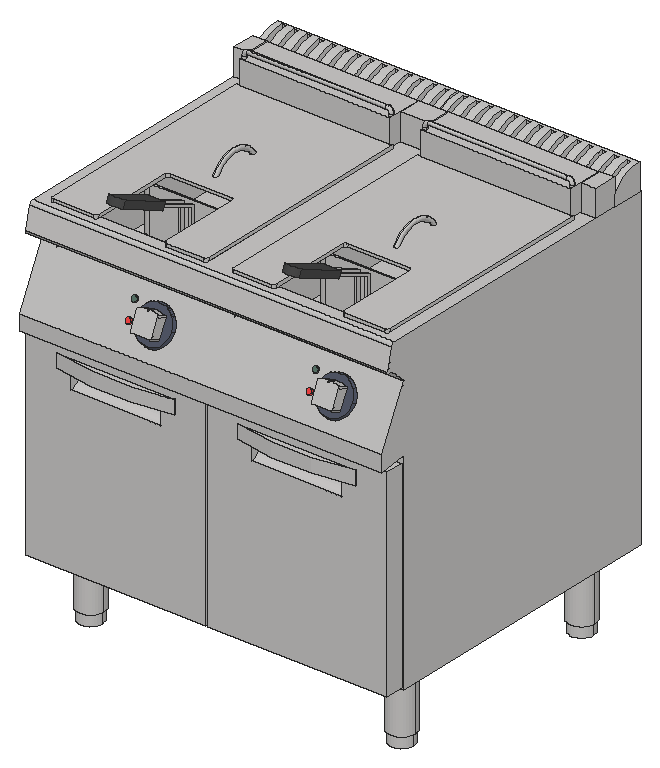
Revit family "QF_ZANUSSI_372085_Z7FREH2FF0", category Specialty Equipment, Revit 2018 (continued)
Automatic sketch dimensions
  Extrusion 3 sketch curve to Extrusion 3 sketch curve = 0 mm
  plane 1 "BACK" to Extrusion 4 sketch curve = 6.761 mm
  plane 3 "LEFT" to Extrusion 4 sketch curve = 22.749 mm
  Extrusion 4 sketch curve to Extrusion 4 sketch curve = 9.296 mm
  Extrusion 4 sketch curve to Extrusion 4 sketch curve = 57.15 mm
  plane 5 "FRONT" to Extrusion 5 sketch curve = 0 mm  (x2)
  plane 1 "BACK" to Extrusion 5 sketch curve = 0 mm
  Extrusion 5 sketch curve to plane 3 "LEFT" = 0 mm
  Extrusion 5 sketch curve to plane 4 "RIGHT" = 0 mm
  Extrusion 5 sketch curve to plane 3 "LEFT" = 150.019 mm
  plane 4 "RIGHT" to Extrusion 5 sketch curve = 150.019 mm
  Extrusion 5 sketch curve to plane 1 "BACK" = 150.019 mm
  curve 206 to plane 4 "RIGHT" = 0 mm
  curve 167 to plane 4 "RIGHT" = 0 mm
  plane 5 "FRONT" to curve 168 = 0 mm
  plane 1 "BACK" to curve 162 = 0 mm
  curve 165 to plane 3 "LEFT" = 0 mm
  curve 24 to plane 3 "LEFT" = 0 mm
  plane 4 "RIGHT" to curve 3 = 150.019 mm
  curve 122 to plane 4 "RIGHT" = 13.453 mm
  curve 121 to curve 122 = 9.296 mm
  curve 42 to plane 4 "RIGHT" = 26.987 mm
  curve 42 to curve 207 = 4.763 mm
  curve 42 to curve 43 = 6.35 mm
  curve 206 to curve 77 = 5.848 mm
  plane 1 "BACK" to curve 128 = 6.761 mm
  curve 120 to curve 128 = 18.547 mm
  curve 127 to curve 128 = 9.296 mm
  plane 1 "BACK" to curve 131 = 6.761 mm
  curve 126 to curve 131 = 18.547 mm
  curve 130 to curve 131 = 9.296 mm
  plane 1 "BACK" to curve 134 = 6.761 mm
  curve 129 to curve 134 = 18.547 mm
  curve 133 to curve 132 = 9.296 mm
  curve 44 to plane 5 "FRONT" = 52.888 mm
  curve 43 to curve 44 = 88.9 mm
  plane 1 "BACK" to curve 137 = 6.761 mm
  curve 132 to curve 137 = 18.547 mm
  curve 45 to curve 46 = 6.35 mm
  curve 136 to curve 135 = 9.296 mm
  curve 46 to curve 47 = 6.35 mm
  plane 1 "BACK" to curve 139 = 6.761 mm
  curve 135 to curve 139 = 18.547 mm
  curve 139 to curve 140 = 9.296 mm
  plane 1 "BACK" to curve 142 = 6.761 mm
  curve 138 to curve 142 = 18.547 mm
  curve 58 to plane 5 "FRONT" = 8.614 mm
  curve 45 to curve 58 = 58.32 mm
  curve 142 to curve 143 = 9.296 mm
  plane 8 "Center X" to curve 67 = 38.031 mm
  curve 47 to curve 67 = 60.633 mm
  curve 67 to curve 69 = 4.449 mm
  plane 1 "BACK" to curve 146 = 6.761 mm
  curve 141 to curve 146 = 18.547 mm
  curve 145 to curve 146 = 9.296 mm
  curve 57 to plane 11 = 5.711 mm
  curve 57 to curve 57 = 37.235 mm
  plane 1 "BACK" to curve 149 = 6.761 mm
  curve 144 to curve 149 = 18.547 mm
  curve 148 to curve 147 = 9.296 mm
  plane 1 "BACK" to curve 151 = 6.761 mm
  curve 147 to curve 151 = 18.547 mm
  curve 68 to curve 48 = 66.994 mm
  curve 151 to curve 152 = 9.296 mm
  curve 61 to curve 61 = 53.67 mm
  curve 51 to curve 52 = 6.35 mm
  plane 1 "BACK" to curve 154 = 6.761 mm
  curve 150 to curve 154 = 18.547 mm
  curve 154 to curve 155 = 9.296 mm
  plane 1 "BACK" to curve 158 = 6.761 mm
  curve 153 to curve 158 = 18.547 mm
  curve 157 to curve 158 = 9.296 mm
  plane 7 "Center Y" to curve 168 = 54.971 mm
  plane 1 "BACK" to curve 160 = 6.761 mm
  curve 156 to curve 160 = 18.547 mm
  curve 160 to curve 159 = 9.296 mm
  curve 78 to plane 12 = 4.568 mm
  plane 7 "Center Y" to curve 78 = 37.641 mm
  plane 7 "Center Y" to curve 53 = 33.338 mm
  curve 77 to curve 202 = 5.891 mm
  plane 12 to curve 54 = 0.124 mm
  curve 78 to curve 54 = 10.653 mm
  plane 1 "BACK" to curve 125 = 6.761 mm
  curve 159 to curve 125 = 18.547 mm
  curve 124 to curve 123 = 9.296 mm
  plane 7 "Center Y" to curve 162 = 1.588 mm
  curve 24 to plane 7 "Center Y" = 1.587 mm
  plane 1 "BACK" to curve 81 = 6.761 mm
  curve 163 to curve 81 = 13.764 mm
  curve 81 to curve 82 = 9.296 mm
  curve 22 to plane 7 "Center Y" = 26.988 mm
  curve 22 to curve 201 = 4.762 mm
  curve 21 to curve 21 = 6.35 mm
  curve 201 to curve 76 = 5.891 mm
  plane 1 "BACK" to curve 119 = 6.761 mm
  curve 82 to curve 119 = 18.547 mm
  curve 117 to curve 118 = 9.296 mm
  curve 166 to plane 7 "Center Y" = 54.971 mm
  plane 1 "BACK" to curve 114 = 6.761 mm
  curve 118 to curve 114 = 18.547 mm
  curve 114 to curve 116 = 9.296 mm
  plane 1 "BACK" to curve 111 = 6.761 mm
  curve 115 to curve 111 = 18.547 mm
  curve 111 to curve 112 = 9.296 mm
  curve 20 to curve 20 = 82.55 mm
  curve 19 to curve 18 = 6.35 mm
  plane 1 "BACK" to curve 108 = 6.761 mm
  curve 112 to curve 108 = 18.547 mm
  curve 17 to curve 17 = 6.35 mm
  curve 108 to curve 109 = 9.296 mm
  plane 1 "BACK" to curve 107 = 6.761 mm
  curve 109 to curve 107 = 18.547 mm
  curve 105 to curve 106 = 9.296 mm
  curve 25 to plane 11 = 5.711 mm
  curve 19 to curve 25 = 53.67 mm
  plane 1 "BACK" to curve 104 = 6.761 mm
  curve 106 to curve 104 = 18.547 mm
  curve 102 to curve 104 = 9.296 mm
  plane 8 "Center X" to curve 37 = 38.031 mm
  curve 16 to curve 37 = 66.994 mm
  curve 37 to curve 38 = 4.449 mm
  plane 1 "BACK" to curve 101 = 6.761 mm
  curve 103 to curve 101 = 18.547 mm
  curve 25 to curve 27 = 37.235 mm
  curve 99 to curve 100 = 9.296 mm
  plane 1 "BACK" to curve 98 = 6.761 mm
  curve 100 to curve 98 = 18.547 mm
  curve 96 to curve 97 = 9.296 mm
  curve 36 to curve 16 = 60.633 mm
  plane 1 "BACK" to curve 93 = 6.761 mm
  curve 97 to curve 93 = 18.547 mm
  curve 29 to curve 14 = 58.32 mm
  curve 93 to curve 94 = 9.296 mm
  curve 13 to curve 12 = 6.35 mm
  plane 1 "BACK" to curve 92 = 6.761 mm
  curve 94 to curve 92 = 18.547 mm
  curve 90 to curve 92 = 9.296 mm
  plane 1 "BACK" to curve 87 = 6.761 mm
  curve 91 to curve 87 = 18.547 mm
  curve 87 to curve 88 = 9.296 mm
  plane 1 "BACK" to curve 86 = 6.761 mm
  curve 88 to curve 86 = 18.547 mm
  curve 84 to curve 85 = 9.296 mm
  curve 75 to plane 12 = 4.568 mm
  plane 3 "LEFT" to curve 75 = 37.598 mm
  plane 3 "LEFT" to curve 11 = 33.338 mm
  curve 73 to curve 198 = 5.848 mm
  plane 12 to curve 10 = 0.124 mm
  curve 74 to curve 10 = 10.61 mm
  plane 1 "BACK" to curve 7 = 6.761 mm
  curve 85 to curve 7 = 18.497 mm
  curve 7 to curve 9 = 9.296 mm
  curve 1 to plane 3 "LEFT" = 150.019 mm
  curve 1 to plane 1 "BACK" = 150.019 mm
  plane 1 "BACK" to curve 122 = 6.761 mm
  curve 81 to curve 24 = 63.089 mm
  curve 24 to curve 162 = 0 mm
  curve 207 to curve 79 = 22.419 mm
  curve 202 to curve 78 = 22.419 mm
  curve 198 to curve 74 = 22.419 mm
  curve 74 to curve 74 = 7.655 mm
  curve 80 to curve 79 = 7.655 mm
  curve 68 to plane 8 "Center X" = 63.432 mm
  curve 38 to plane 8 "Center X" = 63.432 mm
  curve 68 to curve 48 = 46.229 mm
  curve 36 to curve 16 = 46.229 mm
  plane 11 to curve 14 = 57.877 mm
  plane 11 to curve 54 = 57.877 mm
  plane 11 to curve 30 = 57.877 mm
  curve 167 to plane 5 "FRONT" = 27.613 mm
  curve 165 to plane 5 "FRONT" = 27.613 mm
  curve 27 to plane 5 "FRONT" = 8.614 mm
  curve 56 to plane 5 "FRONT" = 8.614 mm
  curve 25 to plane 5 "FRONT" = 8.614 mm
  plane 5 "FRONT" to curve 168 = 168.89 mm
  curve 166 to curve 168 = 0 mm
  curve 207 to curve 205 = 1.588 mm
  curve 43 to curve 168 = 40.903 mm
  curve 59 to curve 66 = 3.442 mm
  curve 66 to curve 59 = 0 mm  (x2)
  curve 57 to curve 63 = 4.079 mm
  curve 63 to curve 62 = 5.857 mm
  curve 62 to curve 65 = 17.363 mm
  curve 64 to curve 56 = 4.079 mm
  curve 204 to curve 54 = 6.35 mm
  curve 22 to curve 200 = 6.35 mm
  curve 25 to curve 33 = 4.079 mm
  curve 33 to curve 34 = 5.857 mm
  curve 35 to curve 28 = 0 mm  (x2)
  curve 34 to curve 31 = 17.363 mm
  curve 32 to curve 26 = 4.079 mm
  curve 35 to curve 28 = 3.442 mm
  curve 166 to curve 12 = 40.903 mm
  curve 74 to curve 199 = 4.26 mm
  curve 108 to curve 108 = 57.15 mm
  curve 108 to curve 111 = 0 mm
  curve 112 to curve 111 = 0 mm
  curve 111 to curve 114 = 0 mm
  curve 115 to curve 114 = 0 mm
  curve 106 to curve 108 = 0 mm
  curve 106 to curve 105 = 0 mm
  curve 117 to curve 200 = 5.939 mm
  curve 118 to curve 117 = 0 mm
  curve 120 to curve 207 = 5.939 mm
  curve 120 to curve 121 = 0 mm
  curve 103 to curve 106 = 0 mm
  curve 103 to curve 102 = 0 mm
  curve 123 to curve 162 = 5.939 mm
  curve 123 to curve 124 = 0 mm
  curve 126 to curve 205 = 5.939 mm
  curve 126 to curve 127 = 0 mm
  curve 100 to curve 103 = 0 mm
  curve 100 to curve 99 = 0 mm
  curve 129 to curve 126 = 0 mm
  curve 129 to curve 130 = 0 mm
  curve 132 to curve 129 = 0 mm
  curve 132 to curve 133 = 0 mm
  curve 97 to curve 100 = 0 mm
  curve 97 to curve 96 = 0 mm
  curve 135 to curve 132 = 0 mm
  curve 135 to curve 136 = 0 mm
  curve 138 to curve 135 = 0 mm
  curve 138 to curve 139 = 0 mm
  curve 94 to curve 97 = 0 mm
  curve 94 to curve 93 = 0 mm
  curve 141 to curve 138 = 0 mm
  curve 141 to curve 142 = 0 mm
  curve 144 to curve 141 = 0 mm
  curve 144 to curve 145 = 0 mm
  curve 91 to curve 94 = 0 mm
  curve 91 to curve 90 = 0 mm
  curve 147 to curve 144 = 0 mm
  curve 147 to curve 148 = 0 mm
  curve 150 to curve 147 = 0 mm
  curve 150 to curve 151 = 0 mm
  curve 88 to curve 91 = 0 mm
  curve 88 to curve 87 = 0 mm
  curve 153 to curve 150 = 0 mm
  curve 153 to curve 154 = 0 mm
  curve 156 to curve 153 = 0 mm
  curve 156 to curve 157 = 0 mm
  curve 85 to curve 199 = 5.939 mm
  curve 85 to curve 84 = 0 mm
  curve 159 to curve 204 = 5.939 mm
  curve 8 to curve 24 = 5.939 mm
  curve 8 to curve 7 = 0 mm
  curve 159 to curve 160 = 0 mm
  curve 82 to curve 203 = 5.939 mm
  curve 82 to curve 81 = 0 mm
  curve 109 to curve 108 = 0 mm
  curve 17 to curve 40 = 22.324 mm
  curve 46 to curve 71 = 22.324 mm
  curve 71 to curve 72 = 3.175 mm
  curve 40 to curve 41 = 3.175 mm
  curve 66 to curve 56 = 17.436 mm
  curve 35 to curve 25 = 17.436 mm
  curve 66 to curve 59 = 6.713 mm
  curve 35 to curve 28 = 6.713 mm
  curve 35 to curve 25 = 6.713 mm
  curve 66 to curve 56 = 6.713 mm
  plane 5 "FRONT" to curve 1 = 1.377 mm
  plane 5 "FRONT" to curve 3 = 1.377 mm
  Extrusion 6 sketch curve to plane 4 "RIGHT" = 26.988 mm
  Extrusion 6 sketch curve to Extrusion 6 sketch curve = 6.35 mm  (x8)
  Extrusion 6 sketch curve to Extrusion 6 sketch curve = 88.9 mm
  Extrusion 6 sketch curve to plane 4 "RIGHT" = 128.587 mm
  plane 7 "Center Y" to Extrusion 6 sketch curve = 128.588 mm
  plane 11 to Extrusion 6 sketch curve = 57.877 mm  (x4)
  plane 7 "Center Y" to Extrusion 6 sketch curve = 122.238 mm
  plane 7 "Center Y" to Extrusion 6 sketch curve = 33.338 mm
  plane 12 to Extrusion 6 sketch curve = 0.124 mm  (x2)
  Extrusion 6 sketch curve to plane 7 "Center Y" = 26.988 mm
  Extrusion 6 sketch curve to Extrusion 6 sketch curve = 82.55 mm
  plane 3 "LEFT" to Extrusion 6 sketch curve = 134.938 mm
  plane 3 "LEFT" to Extrusion 6 sketch curve = 128.588 mm
  plane 3 "LEFT" to Extrusion 6 sketch curve = 33.338 mm
  plane 3 "LEFT" to Extrusion 6 sketch curve = 26.988 mm
  Extrusion 6 sketch curve to plane 8 "Center X" = 109.662 mm  (x2)
  Extrusion 7 sketch curve to plane 7 "Center Y" = 175.907 mm
  Extrusion 7 sketch curve to Extrusion 7 sketch curve = 0 mm
  Extrusion 7 sketch curve to Extrusion 7 sketch curve = 11.832 mm
  Extrusion 7 sketch curve to Extrusion 7 sketch curve = 106.78 mm
  Extrusion 7 sketch curve to Extrusion 7 sketch curve = 18.617 mm
  Extrusion 8 sketch curve to plane 11 = 1.013 mm
  Extrusion 8 sketch curve to plane 11 = 3.696 mm
  Extrusion 8 sketch curve to plane 10 "TOP A" = 11.567 mm
  Extrusion 8 sketch curve to plane 11 = 84.899 mm
  Extrusion 8 sketch curve to plane 10 "TOP A" = 7.522 mm
  Extrusion 8 sketch curve to Extrusion 8 sketch curve = 6.35 mm
  Extrusion 8 sketch curve to Extrusion 8 sketch curve = 97.432 mm
  Extrusion 9 sketch curve to plane 11 = 1.013 mm
  Extrusion 9 sketch curve to plane 11 = 3.696 mm
  Extrusion 9 sketch curve to plane 10 "TOP A" = 11.567 mm
  Extrusion 9 sketch curve to plane 11 = 84.899 mm
  Extrusion 9 sketch curve to Extrusion 9 sketch curve = 6.35 mm
  Extrusion 9 sketch curve to plane 10 "TOP A" = 7.522 mm
  Extrusion 9 sketch curve to Extrusion 9 sketch curve = 97.432 mm
  Sweep 10 sketch curve to plane 10 "TOP A" = 0 mm  (x2)
  Sweep 10 sketch curve to plane 8 "Center X" = 12.824 mm
  Sweep 10 sketch curve to plane 10 "TOP A" = 26.978 mm
  Sweep 10 sketch curve to Sweep 10 sketch curve = 54.439 mm
  Sweep 10 sketch curve to profile plane = 0 mm  (x2)
  Sweep 11 sketch curve to plane 10 "TOP A" = 0 mm  (x2)
  Sweep 11 sketch curve to plane 8 "Center X" = 12.824 mm
  Sweep 11 sketch curve to plane 10 "TOP A" = 26.978 mm
  Sweep 11 sketch curve to Sweep 11 sketch curve = 54.439 mm
  Sweep 11 sketch curve to profile plane = 0 mm
  profile plane to Sweep 11 sketch curve = 0 mm
  plane 7 "Center Y" to Extrusion 12 sketch curve = 175.907 mm
  Extrusion 12 sketch curve to Extrusion 12 sketch curve = 0 mm
  Extrusion 12 sketch curve to Extrusion 12 sketch curve = 11.832 mm
  Extrusion 12 sketch curve to Extrusion 12 sketch curve = 106.78 mm
  Extrusion 12 sketch curve to Extrusion 12 sketch curve = 18.617 mm
  Extrusion 13 sketch curve to Extrusion 13 sketch curve = 0 mm  (x16)
  Extrusion 13 sketch curve to plane 4 "RIGHT" = 91.225 mm
  Extrusion 13 sketch curve to Extrusion 13 sketch curve = 3.175 mm  (x2)
  Extrusion 13 sketch curve to Extrusion 13 sketch curve = 22.225 mm  (x6)
  plane 7 "Center Y" to Extrusion 13 sketch curve = 105.625 mm  (x2)
  Extrusion 13 sketch curve to plane 7 "Center Y" = 80.225 mm
  plane 3 "LEFT" to Extrusion 13 sketch curve = 116.625 mm  (x2)
  plane 12 to Extrusion 13 sketch curve = 41.498 mm  (x2)
  Extrusion 13 sketch curve to plane 8 "Center X" = 116.11 mm  (x2)
  Extrusion 14 sketch curve to plane 11 = 1.013 mm
  Extrusion 14 sketch curve to plane 11 = 3.696 mm
  Extrusion 14 sketch curve to plane 10 "TOP A" = 11.567 mm
  Extrusion 14 sketch curve to plane 11 = 84.899 mm
  Extrusion 14 sketch curve to plane 10 "TOP A" = 7.522 mm
  Extrusion 14 sketch curve to Extrusion 14 sketch curve = 6.35 mm
  Extrusion 14 sketch curve to Extrusion 14 sketch curve = 97.432 mm
  Extrusion 15 sketch curve to plane 11 = 1.013 mm
  Extrusion 15 sketch curve to plane 11 = 3.696 mm
  Extrusion 15 sketch curve to plane 10 "TOP A" = 11.567 mm
  Extrusion 15 sketch curve to plane 11 = 84.899 mm
  Extrusion 15 sketch curve to Extrusion 15 sketch curve = 6.35 mm
  Extrusion 15 sketch curve to Extrusion 15 sketch curve = 97.432 mm
  Extrusion 15 sketch curve to plane 10 "TOP A" = 7.522 mm
  plane 1 "BACK" to Extrusion 16 sketch curve = 6.761 mm
  Extrusion 16 sketch curve to plane 7 "Center Y" = 15.351 mm
  Extrusion 16 sketch curve to Extrusion 16 sketch curve = 9.296 mm
  Extrusion 16 sketch curve to Extrusion 16 sketch curve = 57.15 mm
  plane 1 "BACK" to Extrusion 17 sketch curve = 6.761 mm
  plane 3 "LEFT" to Extrusion 17 sketch curve = 50.591 mm
  Extrusion 17 sketch curve to Extrusion 17 sketch curve = 9.296 mm
  Extrusion 17 sketch curve to Extrusion 17 sketch curve = 57.15 mm
  plane 1 "BACK" to Extrusion 18 sketch curve = 6.761 mm
  plane 3 "LEFT" to Extrusion 18 sketch curve = 78.433 mm
  Extrusion 18 sketch curve to Extrusion 18 sketch curve = 9.296 mm
  Extrusion 18 sketch curve to Extrusion 18 sketch curve = 57.15 mm
  plane 1 "BACK" to Extrusion 19 sketch curve = 6.761 mm
  plane 3 "LEFT" to Extrusion 19 sketch curve = 106.275 mm
  Extrusion 19 sketch curve to Extrusion 19 sketch curve = 9.296 mm
  Extrusion 19 sketch curve to Extrusion 19 sketch curve = 57.15 mm
  plane 1 "BACK" to Extrusion 20 sketch curve = 6.761 mm
  plane 3 "LEFT" to Extrusion 20 sketch curve = 134.118 mm
  Extrusion 20 sketch curve to Extrusion 20 sketch curve = 9.296 mm
  Extrusion 20 sketch curve to Extrusion 20 sketch curve = 57.15 mm
  plane 1 "BACK" to Extrusion 21 sketch curve = 6.761 mm
  plane 3 "LEFT" to Extrusion 21 sketch curve = 161.96 mm
  Extrusion 21 sketch curve to Extrusion 21 sketch curve = 9.296 mm
  Extrusion 21 sketch curve to Extrusion 21 sketch curve = 57.15 mm
  plane 1 "BACK" to Extrusion 22 sketch curve = 6.761 mm
  plane 3 "LEFT" to Extrusion 22 sketch curve = 189.802 mm
  Extrusion 22 sketch curve to Extrusion 22 sketch curve = 9.296 mm
  Extrusion 22 sketch curve to Extrusion 22 sketch curve = 57.15 mm
  plane 1 "BACK" to Extrusion 23 sketch curve = 6.761 mm
  Extrusion 23 sketch curve to plane 7 "Center Y" = 182.405 mm
  Extrusion 23 sketch curve to Extrusion 23 sketch curve = 9.296 mm
  Extrusion 23 sketch curve to Extrusion 23 sketch curve = 57.15 mm
  plane 1 "BACK" to Extrusion 24 sketch curve = 6.761 mm
  Extrusion 24 sketch curve to plane 7 "Center Y" = 154.563 mm
  Extrusion 24 sketch curve to Extrusion 24 sketch curve = 9.296 mm
  Extrusion 24 sketch curve to Extrusion 24 sketch curve = 57.15 mm
  plane 1 "BACK" to Extrusion 25 sketch curve = 6.761 mm
  Extrusion 25 sketch curve to plane 7 "Center Y" = 126.721 mm
  Extrusion 25 sketch curve to Extrusion 25 sketch curve = 9.296 mm
  Extrusion 25 sketch curve to Extrusion 25 sketch curve = 57.15 mm
  plane 1 "BACK" to Extrusion 26 sketch curve = 6.761 mm
  Extrusion 26 sketch curve to plane 7 "Center Y" = 98.878 mm
  Extrusion 26 sketch curve to Extrusion 26 sketch curve = 9.296 mm
  Extrusion 26 sketch curve to Extrusion 26 sketch curve = 57.15 mm
  plane 1 "BACK" to Extrusion 27 sketch curve = 6.761 mm
  Extrusion 27 sketch curve to plane 7 "Center Y" = 71.036 mm
  Extrusion 27 sketch curve to Extrusion 27 sketch curve = 9.296 mm
  Extrusion 27 sketch curve to Extrusion 27 sketch curve = 57.15 mm
  plane 1 "BACK" to Extrusion 28 sketch curve = 6.761 mm
  Extrusion 28 sketch curve to plane 7 "Center Y" = 43.194 mm
  Extrusion 28 sketch curve to Extrusion 28 sketch curve = 9.296 mm
  Extrusion 28 sketch curve to Extrusion 28 sketch curve = 57.15 mm
  Extrusion 29 sketch curve to plane 1 "BACK" = 6.761 mm
  plane 4 "RIGHT" to Extrusion 29 sketch curve = 22.749 mm
  Extrusion 29 sketch curve to Extrusion 29 sketch curve = 9.296 mm
  Extrusion 29 sketch curve to Extrusion 29 sketch curve = 57.15 mm
  Extrusion 30 sketch curve to plane 1 "BACK" = 6.761 mm
  Extrusion 30 sketch curve to plane 7 "Center Y" = 15.351 mm
  Extrusion 30 sketch curve to Extrusion 30 sketch curve = 9.296 mm
  Extrusion 30 sketch curve to Extrusion 30 sketch curve = 57.15 mm
  Extrusion 31 sketch curve to plane 1 "BACK" = 6.761 mm
  plane 4 "RIGHT" to Extrusion 31 sketch curve = 50.591 mm
  Extrusion 31 sketch curve to Extrusion 31 sketch curve = 9.296 mm
  Extrusion 31 sketch curve to Extrusion 31 sketch curve = 57.15 mm
  Extrusion 32 sketch curve to plane 1 "BACK" = 6.761 mm
  plane 4 "RIGHT" to Extrusion 32 sketch curve = 78.433 mm
  Extrusion 32 sketch curve to Extrusion 32 sketch curve = 9.296 mm
  Extrusion 32 sketch curve to Extrusion 32 sketch curve = 57.15 mm
  Extrusion 33 sketch curve to plane 1 "BACK" = 6.761 mm
  plane 4 "RIGHT" to Extrusion 33 sketch curve = 106.275 mm
  Extrusion 33 sketch curve to Extrusion 33 sketch curve = 9.296 mm
  Extrusion 33 sketch curve to Extrusion 33 sketch curve = 57.15 mm
  Extrusion 34 sketch curve to plane 1 "BACK" = 6.761 mm
  plane 4 "RIGHT" to Extrusion 34 sketch curve = 134.118 mm
  Extrusion 34 sketch curve to Extrusion 34 sketch curve = 9.296 mm
  Extrusion 34 sketch curve to Extrusion 34 sketch curve = 57.15 mm
  Extrusion 35 sketch curve to plane 1 "BACK" = 6.761 mm
  plane 4 "RIGHT" to Extrusion 35 sketch curve = 161.96 mm
  Extrusion 35 sketch curve to Extrusion 35 sketch curve = 9.296 mm
  Extrusion 35 sketch curve to Extrusion 35 sketch curve = 57.15 mm
  Extrusion 36 sketch curve to plane 1 "BACK" = 6.761 mm
  plane 4 "RIGHT" to Extrusion 36 sketch curve = 189.802 mm
  Extrusion 36 sketch curve to Extrusion 36 sketch curve = 9.296 mm
  Extrusion 36 sketch curve to Extrusion 36 sketch curve = 57.15 mm
  Extrusion 37 sketch curve to plane 1 "BACK" = 6.761 mm
  Extrusion 37 sketch curve to plane 7 "Center Y" = 182.405 mm
  Extrusion 37 sketch curve to Extrusion 37 sketch curve = 9.296 mm
  Extrusion 37 sketch curve to Extrusion 37 sketch curve = 57.15 mm
  Extrusion 38 sketch curve to plane 1 "BACK" = 6.761 mm
  Extrusion 38 sketch curve to plane 7 "Center Y" = 154.563 mm
  Extrusion 38 sketch curve to Extrusion 38 sketch curve = 9.296 mm
  Extrusion 38 sketch curve to Extrusion 38 sketch curve = 57.15 mm
  Extrusion 39 sketch curve to plane 1 "BACK" = 6.761 mm
  Extrusion 39 sketch curve to plane 7 "Center Y" = 126.721 mm
  Extrusion 39 sketch curve to Extrusion 39 sketch curve = 9.296 mm
  Extrusion 39 sketch curve to Extrusion 39 sketch curve = 57.15 mm
  Extrusion 40 sketch curve to plane 1 "BACK" = 6.761 mm
  Extrusion 40 sketch curve to plane 7 "Center Y" = 98.878 mm
  Extrusion 40 sketch curve to Extrusion 40 sketch curve = 9.296 mm
  Extrusion 40 sketch curve to Extrusion 40 sketch curve = 57.15 mm
  Extrusion 41 sketch curve to plane 1 "BACK" = 6.761 mm
  Extrusion 41 sketch curve to plane 7 "Center Y" = 71.036 mm
  Extrusion 41 sketch curve to Extrusion 41 sketch curve = 9.296 mm
  Extrusion 41 sketch curve to Extrusion 41 sketch curve = 57.15 mm
  Extrusion 42 sketch curve to plane 1 "BACK" = 6.761 mm
  Extrusion 42 sketch curve to plane 7 "Center Y" = 43.194 mm
  Extrusion 42 sketch curve to Extrusion 42 sketch curve = 9.296 mm
  Extrusion 42 sketch curve to Extrusion 42 sketch curve = 57.15 mm
  plane 1 "BACK" to Extrusion 43 sketch curve = 0 mm
  plane 7 "Center Y" to Extrusion 43 sketch curve = 1.587 mm
  Extrusion 43 sketch curve to plane 7 "Center Y" = 1.588 mm
  Extrusion 43 sketch curve to Extrusion 43 sketch curve = 69.85 mm
  Revolve 44 sketch curve to level = 0 mm
  Revolve 44 sketch curve to plane 14 = 0 mm  (x2)
  level to Revolve 44 sketch curve = 25 mm
  plane 3 "LEFT" to Revolve 44 sketch curve = 56 mm
  plane 3 "LEFT" to Revolve 44 sketch curve = 29.75 mm
  plane 3 "LEFT" to Revolve 44 sketch curve = 26 mm
  Revolve 44 sketch curve to Revolve 44 sketch curve = 20 mm
  Revolve 44 sketch curve to Revolve 44 sketch curve = 0 mm
  Revolve 45 sketch curve to level = 0 mm
  Revolve 45 sketch curve to plane 14 = 0 mm  (x2)
  level to Revolve 45 sketch curve = 25 mm
  plane 3 "LEFT" to Revolve 45 sketch curve = 56 mm
  plane 3 "LEFT" to Revolve 45 sketch curve = 29.75 mm
  plane 3 "LEFT" to Revolve 45 sketch curve = 26 mm
  Revolve 45 sketch curve to Revolve 45 sketch curve = 20 mm
  Revolve 45 sketch curve to Revolve 45 sketch curve = 0 mm
  Revolve 46 sketch curve to level = 0 mm
  Revolve 46 sketch curve to plane 14 = 0 mm  (x2)
  level to Revolve 46 sketch curve = 25 mm
  Revolve 46 sketch curve to plane 4 "RIGHT" = 26 mm
  Revolve 46 sketch curve to Revolve 46 sketch curve = 3.75 mm
  Revolve 46 sketch curve to Revolve 46 sketch curve = 30 mm
  Revolve 46 sketch curve to Revolve 46 sketch curve = 20 mm
  Revolve 46 sketch curve to Revolve 46 sketch curve = 0 mm
  Revolve 47 sketch curve to level = 0 mm
  Revolve 47 sketch curve to plane 14 = 0 mm  (x2)
  level to Revolve 47 sketch curve = 25 mm
  Revolve 47 sketch curve to plane 4 "RIGHT" = 26 mm
  Revolve 47 sketch curve to Revolve 47 sketch curve = 3.75 mm
  Revolve 47 sketch curve to Revolve 47 sketch curve = 30 mm
  plane 14 to Revolve 47 sketch curve = 20 mm
  Revolve 47 sketch curve to Revolve 47 sketch curve = 0 mm
  Extrusion 48 sketch curve to plane 4 "RIGHT" = 56 mm
  Extrusion 48 sketch curve to plane 11 = 92.884 mm
  plane 6 "TOP" to Sweep 49 sketch curve = 5.587 mm
  plane 3 "LEFT" to Sweep 49 sketch curve = 39.688 mm
  Sweep 49 sketch curve to Sweep 49 sketch curve = 6.35 mm
  plane 6 "TOP" to Sweep 49 sketch curve = 5.588 mm
  Sweep 49 sketch curve to plane 7 "Center Y" = 46.081 mm
  plane 6 "TOP" to Sweep 49 sketch curve = 0.738 mm  (x2)
  Sweep 49 sketch curve to profile plane = 2.09 mm
  profile plane to Sweep 49 sketch curve = 140.754 mm
  Extrusion 50 sketch curve to plane 4 "RIGHT" = 0 mm
  Extrusion 50 sketch curve to plane 3 "LEFT" = 0 mm
  Extrusion 50 sketch curve to Extrusion 50 sketch curve = 31.75 mm
  plane 7 "Center Y" to Extrusion 50 sketch curve = 31.75 mm
  Extrusion 50 sketch curve to plane 7 "Center Y" = 31.75 mm
  plane 3 "LEFT" to Extrusion 50 sketch curve = 31.75 mm
  plane 1 "BACK" to Extrusion 50 sketch curve = 69.85 mm  (x3)
  Extrusion 50 sketch curve to plane 12 = 26.988 mm  (x3)
  plane 12 to Extrusion 51 sketch curve = 0.124 mm  (x2)
  Extrusion 51 sketch curve to plane 4 "RIGHT" = 33.338 mm
  plane 7 "Center Y" to Extrusion 51 sketch curve = 33.338 mm
  Extrusion 51 sketch curve to plane 7 "Center Y" = 33.338 mm
  plane 3 "LEFT" to Extrusion 51 sketch curve = 33.338 mm
  plane 1 "BACK" to Extrusion 51 sketch curve = 69.85 mm
  Extrusion 51 sketch curve to Extrusion 51 sketch curve = 0 mm
  plane 6 "TOP" to Sweep 52 sketch curve = 5.588 mm  (x2)
  Sweep 52 sketch curve to plane 4 "RIGHT" = 39.688 mm
  Sweep 52 sketch curve to Sweep 52 sketch curve = 6.35 mm
  plane 7 "Center Y" to Sweep 52 sketch curve = 46.081 mm
  plane 6 "TOP" to Sweep 52 sketch curve = 0.738 mm  (x2)
  profile plane to Sweep 52 sketch curve = 2.09 mm
  profile plane to Sweep 52 sketch curve = 140.754 mm
  Blend 53 sketch curve to plane 4 "RIGHT" = 125 mm  (x2)
  Extrusion 54 sketch curve to plane 4 "RIGHT" = 148 mm
  Extrusion 54 sketch curve to Extrusion 54 sketch curve = 2.997 mm  (x3)
  Extrusion 54 sketch curve to Extrusion 54 sketch curve = 20.003 mm  (x2)
  Extrusion 54 sketch curve to Extrusion 54 sketch curve = 40.005 mm
  Extrusion 54 sketch curve to Extrusion 54 sketch curve = 5.399 mm
  Extrusion 54 sketch curve to Extrusion 54 sketch curve = 40.037 mm
  Extrusion 54 sketch curve to Extrusion 54 sketch curve = 0 mm  (x2)
  Extrusion 55 sketch curve to plane 4 "RIGHT" = 142.5 mm
  Extrusion 55 sketch curve to Extrusion 55 sketch curve = 35 mm  (x2)
  Extrusion 56 sketch curve to plane 5 "FRONT" = 11.947 mm
  Extrusion 56 sketch curve to plane 10 "TOP A" = 112.253 mm
  Extrusion 56 sketch curve to Extrusion 56 sketch curve = 3 mm
  Extrusion 56 sketch curve to Extrusion 56 sketch curve = 0 mm
  Extrusion 56 sketch curve to Extrusion 56 sketch curve = 1 mm  (x2)
  Extrusion 56 sketch curve to Extrusion 56 sketch curve = 15 mm
  Extrusion 57 sketch curve to plane 4 "RIGHT" = 180.001 mm
  Extrusion 58 sketch curve to plane 4 "RIGHT" = 180.001 mm
  Blend 59 sketch curve to plane 7 "Center Y" = 125 mm  (x2)
  Extrusion 60 sketch curve to plane 7 "Center Y" = 148 mm
  Extrusion 60 sketch curve to Extrusion 60 sketch curve = 2.997 mm  (x3)
  Extrusion 60 sketch curve to Extrusion 60 sketch curve = 20.003 mm  (x2)
  Extrusion 60 sketch curve to Extrusion 60 sketch curve = 40.005 mm
  Extrusion 60 sketch curve to Extrusion 60 sketch curve = 5.399 mm
  Extrusion 60 sketch curve to Extrusion 60 sketch curve = 40.037 mm
  Extrusion 60 sketch curve to Extrusion 60 sketch curve = 0 mm  (x2)
  Extrusion 61 sketch curve to plane 7 "Center Y" = 142.5 mm
  Extrusion 61 sketch curve to Extrusion 61 sketch curve = 35 mm  (x2)
  Extrusion 62 sketch curve to plane 5 "FRONT" = 11.947 mm
  Extrusion 62 sketch curve to plane 10 "TOP A" = 112.253 mm
  Extrusion 62 sketch curve to Extrusion 62 sketch curve = 3 mm
  Extrusion 62 sketch curve to Extrusion 62 sketch curve = 0 mm
  Extrusion 62 sketch curve to Extrusion 62 sketch curve = 1 mm  (x2)
  Extrusion 62 sketch curve to Extrusion 62 sketch curve = 15 mm
  Extrusion 63 sketch curve to plane 7 "Center Y" = 180.001 mm
  Extrusion 64 sketch curve to plane 7 "Center Y" = 180.001 mm
  Extrusion 65 sketch curve to plane 5 "FRONT" = 15.527 mm
  Extrusion 65 sketch curve to plane 5 "FRONT" = 17.618 mm
  Extrusion 65 sketch curve to Extrusion 65 sketch curve = 22 mm
  Extrusion 65 sketch curve to plane 9 "BASE" = 83 mm
  Extrusion 65 sketch curve to Extrusion 65 sketch curve = 26 mm
  Extrusion 66 sketch curve to plane 5 "FRONT" = 17.618 mm
  Extrusion 66 sketch curve to plane 7 "Center Y" = 69.727 mm
  Extrusion 66 sketch curve to plane 12 = 44.752 mm
  plane 3 "LEFT" to Extrusion 66 sketch curve = 200 mm
  plane 3 "LEFT" to Extrusion 66 sketch curve = 69.727 mm
  Extrusion 66 sketch curve to Extrusion 66 sketch curve = 0.915 mm
  Extrusion 67 sketch curve to plane 5 "FRONT" = 15.527 mm
  Extrusion 67 sketch curve to plane 5 "FRONT" = 17.618 mm
  Extrusion 67 sketch curve to Extrusion 67 sketch curve = 22 mm
  Extrusion 67 sketch curve to plane 9 "BASE" = 83 mm
  Extrusion 67 sketch curve to Extrusion 67 sketch curve = 26 mm
  Extrusion 68 sketch curve to plane 5 "FRONT" = 17.618 mm
  Extrusion 68 sketch curve to plane 4 "RIGHT" = 69.727 mm
  Extrusion 68 sketch curve to plane 12 = 44.752 mm
  Extrusion 68 sketch curve to plane 4 "RIGHT" = 200 mm
  plane 7 "Center Y" to Extrusion 68 sketch curve = 69.727 mm
  Extrusion 68 sketch curve to Extrusion 68 sketch curve = 0.915 mm
  Extrusion 69 sketch curve to plane 4 "RIGHT" = 0 mm
  Extrusion 69 sketch curve to plane 3 "LEFT" = 0 mm
  Extrusion 69 sketch curve to plane 4 "RIGHT" = 12.169 mm
  plane 7 "Center Y" to Extrusion 69 sketch curve = 2.13 mm
  Extrusion 69 sketch curve to plane 7 "Center Y" = 2.13 mm
  plane 3 "LEFT" to Extrusion 69 sketch curve = 12.169 mm
  Extrusion 69 sketch curve to plane 5 "FRONT" = 30.218 mm
  Extrusion 69 sketch curve to Extrusion 69 sketch curve = 0 mm
  Extrusion 69 sketch curve to Extrusion 69 sketch curve = 0.091 mm  (x2)
  Extrusion 70 sketch curve to plane 9 "BASE" = 0 mm
  plane 7 "Center Y" to Extrusion 70 sketch curve = 2.13 mm
  plane 14 to Extrusion 70 sketch curve = 5 mm
  Extrusion 70 sketch curve to plane 7 "Center Y" = 2.13 mm
  plane 5 "FRONT" to curve 167 = 0 mm
  plane 5 "FRONT" to curve 165 = 0 mm
  plane 5 "FRONT" to curve 166 = 0 mm
  plane 5 "FRONT" to curve 6 = 0 mm
  plane 5 "FRONT" to curve 5 = 0 mm
  curve 243 to plane 3 "LEFT" = 0 mm
  curve 208 to plane 3 "LEFT" = 0 mm
  curve 242 to plane 4 "RIGHT" = 0 mm
  curve 246 to plane 4 "RIGHT" = 0 mm
  plane 5 "FRONT" to curve 209 = 6.729 mm
  curve 209 to plane 7 "Center Y" = 148 mm
  curve 209 to curve 210 = 0.809 mm
  curve 213 to curve 213 = 1.583 mm
  curve 210 to curve 211 = 1.846 mm
  curve 210 to curve 224 = 2.189 mm
  curve 209 to curve 212 = 11.892 mm
  curve 213 to curve 215 = 20.417 mm
  curve 224 to curve 214 = 19.134 mm
  curve 214 to curve 223 = 1.738 mm
  curve 215 to curve 216 = 2 mm
  curve 212 to curve 221 = 22.215 mm
  curve 216 to curve 224 = 19.003 mm
  curve 220 to curve 220 = 0.343 mm
  curve 220 to curve 222 = 1.071 mm
  curve 220 to curve 219 = 2.189 mm
  curve 219 to curve 218 = 0.809 mm
  plane 5 "FRONT" to curve 234 = 6.729 mm
  curve 234 to plane 4 "RIGHT" = 148 mm
  curve 234 to curve 235 = 0.809 mm
  curve 238 to curve 238 = 1.583 mm
  curve 235 to curve 236 = 1.846 mm
  curve 235 to curve 240 = 2.189 mm
  curve 234 to curve 237 = 11.892 mm
  curve 238 to curve 233 = 20.417 mm
  curve 240 to curve 239 = 19.134 mm
  curve 239 to curve 230 = 1.738 mm
  curve 232 to curve 231 = 2 mm
  curve 237 to curve 228 = 22.215 mm
  curve 231 to curve 240 = 19.003 mm
  curve 227 to curve 227 = 0.343 mm
  curve 227 to curve 229 = 1.071 mm
  curve 227 to curve 226 = 2.189 mm
  curve 226 to curve 225 = 0.809 mm
  curve 240 to curve 235 = 1.333 mm
  curve 224 to curve 210 = 1.333 mm
  curve 239 to curve 240 = 86.839 mm
  curve 223 to curve 224 = 86.839 mm
  curve 239 to curve 230 = 0 mm
  curve 214 to curve 223 = 0 mm
  curve 220 to curve 219 = 1.333 mm
  curve 227 to curve 226 = 1.333 mm
  curve 235 to curve 236 = 2.779 mm
  curve 210 to curve 211 = 2.779 mm
  curve 219 to curve 220 = 2.779 mm
  curve 226 to curve 227 = 2.779 mm
  curve 222 to plane 5 "FRONT" = 10.512 mm
  curve 238 to plane 5 "FRONT" = 10.512 mm
  curve 213 to plane 5 "FRONT" = 10.512 mm
  curve 229 to plane 5 "FRONT" = 10.512 mm
  curve 233 to plane 5 "FRONT" = 11.947 mm
  curve 215 to plane 5 "FRONT" = 11.947 mm
  curve 215 to curve 212 = 41.91 mm
  curve 232 to curve 237 = 41.91 mm
  curve 212 to curve 221 = 0 mm
  curve 237 to curve 228 = 0 mm
  plane 3 "LEFT" to curve 169 = 13.453 mm
  curve 169 to curve 169 = 9.296 mm
  curve 169 to curve 171 = 18.547 mm
  curve 171 to curve 171 = 9.296 mm
  curve 171 to curve 172 = 18.547 mm
  curve 172 to curve 172 = 9.296 mm
  curve 172 to curve 173 = 18.547 mm
  curve 173 to curve 173 = 9.296 mm
  curve 173 to curve 174 = 18.547 mm
  curve 174 to curve 174 = 9.296 mm
  curve 174 to curve 175 = 18.547 mm
  curve 175 to curve 175 = 9.296 mm
  curve 175 to curve 176 = 18.547 mm
  curve 208 to plane 5 "FRONT" = 17.618 mm
  curve 208 to curve 209 = 65.142 mm
  curve 176 to curve 176 = 9.296 mm
  curve 243 to plane 5 "FRONT" = 2.618 mm
  curve 208 to curve 243 = 6.56 mm
  curve 176 to curve 177 = 18.547 mm
  curve 244 to plane 5 "FRONT" = 2.618 mm
  curve 243 to curve 244 = 24.141 mm
  curve 177 to curve 177 = 9.296 mm
  curve 244 to curve 245 = 6.535 mm
  curve 177 to curve 178 = 18.547 mm
  curve 212 to curve 209 = 9.809 mm
  curve 178 to curve 178 = 9.296 mm
  curve 213 to curve 213 = 0.284 mm
  curve 178 to curve 179 = 18.547 mm
  curve 179 to curve 179 = 9.296 mm
  curve 179 to curve 180 = 18.547 mm
  curve 222 to curve 223 = 0.284 mm
  curve 180 to curve 180 = 9.296 mm
  curve 218 to curve 221 = 9.809 mm
  curve 180 to curve 181 = 18.547 mm
  curve 181 to curve 181 = 9.296 mm
  curve 181 to curve 182 = 18.547 mm
  curve 182 to curve 182 = 9.296 mm
  curve 182 to curve 170 = 18.547 mm
  curve 170 to curve 170 = 9.296 mm
  plane 7 "Center Y" to curve 184 = 15.351 mm
  curve 184 to curve 184 = 9.296 mm
  curve 184 to curve 196 = 18.547 mm
  curve 196 to curve 196 = 9.296 mm
  curve 196 to curve 195 = 18.547 mm
  curve 195 to curve 195 = 9.296 mm
  curve 195 to curve 194 = 18.547 mm
  curve 194 to curve 194 = 9.296 mm
  curve 194 to curve 193 = 18.547 mm
  curve 193 to curve 193 = 9.296 mm
  curve 193 to curve 192 = 18.547 mm
  curve 192 to curve 192 = 9.296 mm
  curve 245 to plane 5 "FRONT" = 17.618 mm
  curve 245 to curve 234 = 76.143 mm
  curve 192 to curve 191 = 18.547 mm
  curve 241 to plane 5 "FRONT" = 2.618 mm
  curve 245 to curve 241 = 7.143 mm
  curve 191 to curve 191 = 9.296 mm
  curve 247 to plane 5 "FRONT" = 2.618 mm
  curve 241 to curve 247 = 23.298 mm
  curve 191 to curve 190 = 18.547 mm
  curve 247 to curve 246 = 6.794 mm
  curve 190 to curve 190 = 9.296 mm
  curve 190 to curve 189 = 18.547 mm
  curve 237 to curve 234 = 9.809 mm
  curve 189 to curve 189 = 9.296 mm
  curve 238 to curve 238 = 0.284 mm
  curve 189 to curve 188 = 18.547 mm
  curve 188 to curve 188 = 9.296 mm
  curve 188 to curve 187 = 18.547 mm
  curve 229 to curve 230 = 0.284 mm
  curve 187 to curve 187 = 9.296 mm
  curve 225 to curve 228 = 9.809 mm
  curve 187 to curve 186 = 18.547 mm
  curve 186 to curve 186 = 9.296 mm
  curve 186 to curve 185 = 18.547 mm
  curve 185 to curve 185 = 9.296 mm
  curve 185 to curve 183 = 18.547 mm
  curve 183 to curve 183 = 9.296 mm
  curve 242 to plane 5 "FRONT" = 2.618 mm
  curve 229 to curve 229 = 0.567 mm
  curve 238 to curve 238 = 0.567 mm
  curve 213 to curve 213 = 0.567 mm
  curve 222 to curve 222 = 0.567 mm
  curve 239 to curve 237 = 1.156 mm
  plane 1 "BACK" to curve 189 = 63.911 mm
  plane 1 "BACK" to curve 186 = 63.911 mm
  curve 186 to curve 185 = 0 mm
  plane 1 "BACK" to curve 184 = 63.911 mm
  curve 185 to curve 183 = 0 mm
  curve 187 to curve 186 = 0 mm
  curve 182 to curve 184 = 0 mm
  curve 190 to curve 189 = 0 mm
  curve 189 to curve 188 = 0 mm
  curve 191 to curve 190 = 0 mm
  curve 181 to curve 182 = 0 mm
  curve 180 to curve 181 = 0 mm
  curve 192 to curve 191 = 0 mm
  curve 179 to curve 180 = 0 mm
  curve 178 to curve 179 = 0 mm
  curve 177 to curve 178 = 0 mm
  curve 176 to curve 177 = 0 mm
  curve 193 to curve 192 = 0 mm
  curve 175 to curve 176 = 0 mm
  curve 194 to curve 193 = 0 mm
  curve 195 to curve 194 = 0 mm
  curve 174 to curve 175 = 0 mm
  curve 173 to curve 174 = 0 mm
  curve 172 to curve 173 = 0 mm
  curve 171 to curve 172 = 0 mm
  curve 182 to curve 170 = 0 mm
  curve 196 to curve 195 = 0 mm
  curve 169 to curve 171 = 0 mm
  radius of Sweep 10 sketch curve = 4.353 mm
  radius of Sweep 11 sketch curve = 4.353 mm
  radius of Extrusion 48 sketch curve = 12.7 mm
  radius of Sweep 49 sketch curve = 3.827 mm
  radius of Sweep 52 sketch curve = 3.827 mm
  radius of Blend 53 sketch curve = 42.5 mm
  radius of Blend 53 sketch curve = 40.5 mm
  radius of Split face 1 sketch curve = 1.5 mm
  radius of Split face 2 sketch curve = 1.5 mm
  radius of Split face 3 sketch curve = 1.5 mm
  radius of Split face 4 sketch curve = 1.5 mm
  radius of Split face 5 sketch curve = 1.5 mm
  radius of Split face 6 sketch curve = 1.5 mm
  radius of Split face 7 sketch curve = 1.5 mm
  radius of Split face 8 sketch curve = 1.5 mm
  radius of Split face 9 sketch curve = 1.5 mm
  radius of Extrusion 57 sketch curve = 6 mm
  radius of Extrusion 58 sketch curve = 6 mm
  radius of Blend 59 sketch curve = 42.5 mm
  radius of Blend 59 sketch curve = 40.5 mm
  radius of Split face 10 sketch curve = 1.5 mm
  radius of Split face 11 sketch curve = 1.5 mm
  radius of Split face 12 sketch curve = 1.5 mm
  radius of Split face 13 sketch curve = 1.5 mm
  radius of Split face 14 sketch curve = 1.5 mm
  radius of Split face 15 sketch curve = 1.5 mm
  radius of Split face 16 sketch curve = 1.5 mm
  radius of Split face 17 sketch curve = 1.5 mm
  radius of Split face 18 sketch curve = 1.5 mm
  radius of Extrusion 63 sketch curve = 6 mm
  radius of Extrusion 64 sketch curve = 6 mm
Connectors
  electrical at (744, -505, 587.3), driven by "Volts", driven by "Watts"
    settings: on Extrusion 48, index 1, voltage 400 V, apparent load 17400 VA, apparent load phase1 0 VA, apparent load phase2 0 VA, apparent load phase3 0 VA, power factor 1, load classification "Other", number of poles 1, system type 30, power factor state 1, is connector primary yes, connector utility no, sub classification motor no, connector description "Electrical Connection"
